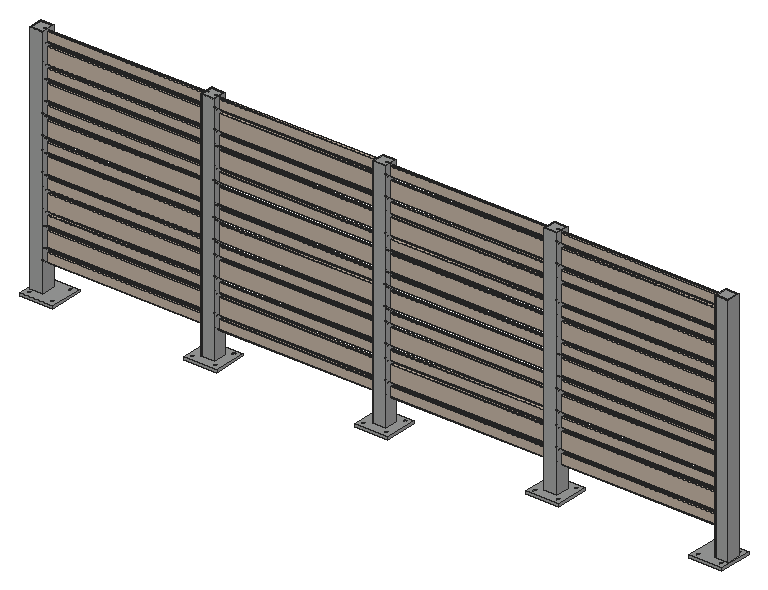
Revit family "Screening-Louver-Assembly-Array-Palmshield-Mercury_Economic-Alternating-Semi_Private-Aluminum", category Specialty Equipment, Revit 2020
Family settings
  Round Connector Dimension = Use Diameter
  Part Type = Normal
  OmniClass Number = 23.55.00.00
  OmniClass Title = Manufactured Structures
  Cut with Voids When Loaded = No
  Shared = No
  Room Calculation Point = No
Parameters (values of type "Assembly")
  Warranty URL = "https://palmshieldlouvers.com/wp-content/uploads/2020/01/PalmSHIELD-Warranty-NO-SIGN-LINE.pdf"
  Version = "2020 - v1.0a"  # constant formula
  URL = "https://palmshieldlouvers.com/"
  Type Comments = ""
  Left Post UP [instance] = yes
  Left Post Description [instance] = if(Left Post Position = 1, "Middle Post", if(Left Post Position = 2, "Corner Post", if(Left Post Position = 3, "End Post", "Not a Valid Option")))  # "End Post"
  Left Post DOWN [instance] = not(Left Post UP)  # no
  Left Post [instance] = yes
  Product Page URL = "https://palmshieldlouvers.com/products/mercury-eco-semi-private/"
  Product Documentation Link = "https://palmshieldlouvers.com/wp-content/uploads/2022/01/Mercury-Economic-Alternating-Semi-Private.pdf"
  Post Finish = Metal - PalmSHIELD - Dusty Grey
  Panel Width [instance] = if(Desired Panel Width > C Max Panel Width, C Max Panel Width, if(Desired Panel Width < C Min Panel Width, C Min Panel Width, Desired Panel Width))  # 4' - 0"
  Panel Height [instance] = if(Desired Panel Height > C Max Panel Height, C Max Panel Height, if(Desired Panel Height < C Min Panel Height, C Min Panel Height, Desired Panel Height))  # 6' - 0"
  Model = "Mercury Economic - Alternating - Semi Private"  # constant formula
  Manufacturer Phone Number = "531-329-4406 "  # constant formula
  Manufacturer Email = "mailto: info@palmshieldlouvers.com"
  Manufacturer Address = "12330 Cary Circle, La Vista, NE 68128"  # constant formula
  Manufacturer = "PalmSHIELD"  # constant formula
  Louver Finsh = Metal - PalmSHIELD - Grey Beige
  Left Post Position [instance] = 3
  Keynote = "05 10 00"
  Instruction Sheet Link = "https://palmshieldlouvers.com/wp-content/uploads/2021/09/PalmSHIELD-Mercury-Series-Post-Panel-Gate-Installation-Instructions-2.docx"
  ID [instance] = "Not Assigned"
  Frame Finish = Metal - PalmSHIELD - Dusty Grey
  Filler Panel [instance] = yes
  Right Post UP [instance] = yes
  Right Post Description [instance] = if(Right Post Position = 1, "Middle Post", if(Right Post Position = 2, "Corner Post", if(Right Post Position = 3, "End Post", "Not a Valid Option")))  # "End Post"
  Right Post DOWN [instance] = not(Right Post UP)  # no
  Right Post Position [instance] = 3
  Right Post [instance] = yes
  Desired Panel Width [instance] = 4' - 0"
  Desired Panel Height [instance] = 6' - 0"
  Real Length [instance] = if([built-in parameter 1001306] < (C Post Width + C Min Panel Width), (C Post Width + C Min Panel Width), [built-in parameter 1001306])  # 17' - 4"
  Description = "Mercury Economic - Alternating - Semi Private"  # constant formula
  built-in parameter 1001306 [instance] = 17' - 4"
  Copyright = "Copyright ©2024 The American Fence Company and PalmSHIELD. All Rights Reserved."  # constant formula
  Component Name [instance] = "Mercury Economic - Alternating - Semi Private"  # constant formula
  C Single Post [instance] = if(C Condition Double, 1 = 1, if(and(Right Post, C Condition Single), 1 = 1, 1 = 0))  # no
  C Single Panel [instance] = or(C Condition Double, C Condition Single)  # no
  C Single End Post Position [instance] = if(C Array Count = 1, 1, Right Post Position)  # 3
  C Right Post Offset Single [instance] = if(C Single End Post Position = 3, 0' 4 1/2", if(C Single End Post Position = 1, 0' 2", if(Right Post DOWN, 0' 2", 0' 4")))  # 0' - 4 1/2"
  C Right Post Offset Aux Single [instance] = if(C Single End Post Position = 3, 0' 0", if(C Single End Post Position = 1, 0' 0", if(Right Post DOWN, 0' 2", 0' 0")))  # 0' - 0"
  C Right Post Offset Aux [instance] = if(Right Post Position = 3, 0' 0", if(Right Post Position = 1, 0' 0", if(Right Post DOWN, 0' 2", 0' 0")))  # 0' - 0"
  C Right Post Offset [instance] = if(Right Post Position = 3, 0' 4 1/2", if(Right Post Position = 1, 0' 2", if(Right Post DOWN, 0' 2", 0' 4")))  # 0' - 4 1/2"
  C Right Post Angle Single [instance] = if(C Single End Post Position = 2, 90.00°, 0.00°)  # 0.00°
  C Right Post Angle [instance] = if(Right Post Position = 2, 90.00°, 0.00°)  # 0.00°
  C Post Width [instance] = 0' - 4"  # constant formula
  C Multiple Post [instance] = (C Condition Multiple)  # yes
  C Multiple Panels [instance] = (C Condition Multiple)  # yes
  C Min Panel Width [instance] = 4' - 0"  # constant formula
  C Min Panel Height [instance] = C Min Panel Width  # 4' - 0"
  C Max Panel Width [instance] = 5' - 0"  # constant formula
  C Max Panel Height [instance] = 6' - 0"  # constant formula
  C Left Post Offset Aux [instance] = if(Left Post Position = 3, 0' 4 1/2", if(Left Post Position = 1, 0' 2", if(Left Post DOWN, 0' 2", 0' 6")))  # 0' - 4 1/2"
  C Left Post Angle [instance] = if(Left Post Position = 3, 90.00°, 0.00°)  # 90.00°
  C Left Post Offset [instance] = if(Left Post Position = 3, 0' 0", if(Left Post Position = 1, 0' 0", if(Left Post DOWN, 0' 2", 0' 2")))  # 0' - 0"
  C Filler Post [instance] = and(not(C Condition Single), Filler Panel, Right Post, or(C Filler Panel Width = C Min Panel Width, C Filler Panel Width > C Min Panel Width))  # yes
  C Filler Panel Width Calculated [instance] = Real Length - C Calculated Total Length - Panel Width - C Post Width  # 4' - 0"
  C Filler Panel Width [instance] = if(C Filler Panel Width Calculated < C Min Panel Width, C Min Panel Width, if(C Filler Panel Width Calculated > C Max Panel Width, C Max Panel Width, C Filler Panel Width Calculated))  # 4' - 0"
  C Filler Panel [instance] = and(not(C Condition Single), Filler Panel, or(C Filler Panel Width = C Min Panel Width, C Filler Panel Width > C Min Panel Width))  # yes
  C Condition Single [instance] = C Array Count < 1  # no
  C Condition Multiple [instance] = C Array Count > 1  # yes
  C Condition Double [instance] = C Array Count = 1  # no
  C Complete Post [instance] = and(not(C Condition Single), not(Filler Panel), Right Post)  # no
  C Complete Panel [instance] = and(not(C Condition Single), not(Filler Panel))  # no
  C Calculated Total Length [instance] = if(C Array Count < 1, 0' 0", if(C Array Count = 1, C Post Width, Panel Width * (C Array Safe - 1) + C Post Width * (C Array Safe)))  # 9' - 0"
  C Calculated Filler Panel Length [instance] = if(C Array Count < 1, 0' 0", if(or(C Array Count = 2, C Array Count = 1), C Post Width, if(Filler Panel, (C Calculated Total Length - C Post Width - C Filler Panel Width), (C Calculated Total Length - C Post Width - Panel Width))))  # 4' - 8"
  C Array Safe [instance] = if(C Array Count < 2, 2, C Array Count)  # 3
  C Array Count [instance] = if(Filler Panel, roundup(((Real Length - C Min Panel Width) / (Panel Width + C Post Width)) - 1), roundup(((Real Length - (Panel Width)) / (Panel Width + C Post Width)) - 1))  # 3
  Assembly Code = "F1020100"
Reference planes (in)
  plane 1 "Center (Front/Back)": y = 0
  plane 2 "B": z = 0
  plane 3 "Left": x = 0
  plane 4 "Right": x = 208
  plane 5 "Top": z = 72
  plane 6: x = 48
  plane 7: x = 52
  plane 8: x = 100
  plane 9: x = 104
  plane 10: x = -4
  plane 11: x = 156
  plane 12: x = 52
  plane 13: x = 204
  plane 14: x = 204
  plane 15: x = -2
  plane 16: x = 208
  plane 17: x = 206
  plane 18: x = 206
  plane 19: x = 208
  plane 20: x = 50
  plane 21: x = 102
  plane 22: y = -2
  plane 23: y = 2
Lines and regions (in)
  reference lines
    curve 1: line (0, 0, 0) -> (208, 0, 0)
    curve 2: line (-2, 0, 0) -> (-4, 0, 0)
    curve 3: line (-2, 0, 0) -> (-2, 2, 0)
    curve 4: line (2.5, 0, 0) -> (2.5, 2, 0)
    curve 5: line (206, 0, 0) -> (206, -2, 0)
    curve 6: line (206, 0, 0) -> (208, 0, 0)
    curve 7: line (206, 0, 0) -> (206, 2, 0)
    curve 8: line (206, 0, 0) -> (206, 2, 0)
    curve 9: line (50.00002, 0, 0) -> (50.00002, 2, 0)
    curve 10: line (50, 0, 0) -> (52, 0, 0)
    curve 11: line (50.00002, -0.00002, 0) -> (50.00002, 2, 0)
    curve 12: line (206, 0, 0) -> (206, 2, 0)
    curve 13: line (206, 0, 0) -> (208, 0, 0)
    curve 14: line (206, 0, 0) -> (206, 2, 0)
Dimensions and locks (in)
  "built-in parameter 1001306": plane 3 "Left" to plane 4 "Right"
  "Panel Width": plane 6 to plane 3 "Left"
  "C Post Width": plane 7 to plane 6
  "Panel Width": plane 8 to plane 7
  "C Post Width": plane 9 to plane 8
  "C Post Width": plane 3 "Left" to plane 10
  "C Calculated Filler Panel Length": plane 12 to plane 10
  "C Filler Panel Width": plane 13 to plane 11
  "Panel Width": plane 14 to plane 11
  "C Calculated Total Length": plane 11 to plane 6
  equal spacing: plane 10, plane 15, plane 3 "Left"
  equal spacing: plane 16, plane 17, plane 13
  "C Post Width": plane 16 to plane 13
  equal spacing: plane 19, plane 18, plane 14
  "C Post Width": plane 19 to plane 14
  equal spacing: plane 9, plane 21, plane 8
  equal spacing: plane 7, plane 20, plane 6
  equal spacing: plane 22, plane 1 "Center (Front/Back)", plane 23
  "C Post Width": plane 22 to plane 23
  "Panel Height": plane 5 "Top" to level
  equal spacing: group 1, group 2, group 5  (x3)
  "C Left Post Offset": curve 4 to nested 1
  "C Left Post Offset Aux": curve 3 to curve 4
  equal spacing: group 3, group 4, group 6  (x3)
  "C Right Post Offset Aux": curve 8 to curve 7
  "C Right Post Offset": curve 8 to nested 5
  "C Right Post Offset Aux Single": curve 11 to curve 9
  "C Right Post Offset Single": curve 11 to nested 8
  "C Right Post Offset Aux": curve 14 to curve 12
  "C Right Post Offset": curve 14 to nested 11
  "C Left Post Angle": angle curve 2 to plane 15
  locked: curve 3 to curve 2 (angle 90.00°)
  locked: curve 6 to curve 7 (angle 90.00°)
  "C Right Post Angle": angle curve 7 to plane 18
  locked: curve 10 to curve 9 (angle 90.00°)
  "C Right Post Angle Single": angle curve 9 to plane 20
  locked: curve 13 to curve 12 (angle 90.00°)
  "C Right Post Angle": angle curve 12 to plane 18
  aligned and locked: plane 4 "Right" to curve 1
  aligned and locked: plane 1 "Center (Front/Back)" to curve 1
  aligned and locked: plane 3 "Left" to curve 1
  aligned and locked: level to plane 2 "B"
  aligned and locked: plane 3 "Left" to nested 2
  aligned and locked: nested 4 to plane 14
  aligned and locked: plane 1 "Center (Front/Back)" to nested 7
  aligned and locked: plane 20 to nested 7
  aligned and locked: plane 3 "Left" to nested 6
  aligned and locked: plane 1 "Center (Front/Back)" to nested 6
  aligned and locked: plane 11 to nested 3
  aligned and locked: plane 1 "Center (Front/Back)" to nested 3
  aligned and locked: plane 7 to nested 9
  aligned and locked: plane 1 "Center (Front/Back)" to nested 9
  aligned and locked: plane 1 "Center (Front/Back)" to curve 2
  aligned and locked: plane 15 to curve 3
  aligned and locked: curve 2 to nested 1
  aligned and locked: plane 21 to nested 10
  aligned and locked: plane 1 "Center (Front/Back)" to nested 10
  aligned and locked: plane 17 to curve 5
  aligned and locked: plane 1 "Center (Front/Back)" to nested 4
  aligned and locked: plane 1 "Center (Front/Back)" to curve 6
  aligned and locked: plane 1 "Center (Front/Back)" to nested 2
  aligned and locked: plane 20 to curve 10
  aligned and locked: nested 8 to curve 10
  aligned and locked: plane 18 to curve 13
  aligned and locked: plane 1 "Center (Front/Back)" to curve 12
Automatic sketch dimensions
  plane 22 to curve 5 = 0' - 0"
  curve 10 to curve 9 = 0' - 0"
  curve 2 to curve 4 = 0' - 0"
  curve 4 to curve 4 = 0' - 2"
  curve 8 to curve 7 = 0' - 0"  (x2)
  curve 11 to curve 9 = 0' - 0"  (x2)
  curve 14 to curve 13 = 0' - 0"
  curve 13 to curve 14 = 0' - 2"
Nested families (in)
  nested 1: "Screening-Louver-Assembly-Post-Palmshield-Mercury-Economic-Alternating-Semi_Private-Aluminum" at (0.5, 0, 0) x (-1, 0, 0) z (0, 0, 1), Desired Overall Height <- "Panel Height", visible <- "Left Post", Component Vis <- "Left Post", ID <- "ID", Post Position <- "Left Post Position", type "Assembly"
    with Post Position 3, ID "Not Assigned", Height 6' - 0", Desired Overall Height 6' - 0", Component Vis yes, Component Name "Mercury Economic - Alternating - Semi Private - Square Post", C Min Height 3' - 4", C Max Height 6' - 0"
  nested 2: "Screening-Louver-Assembly-Panel-Palmshield-Mercury_Economic-Alternating-Semi_Private-Aluminum" at (0, 0, 0), Desired Overall Height <- "Panel Height", Desired Overall Width <- "Panel Width", visible <- "C Single Panel", Component Vis <- "C Single Panel", ID <- "ID", type "Assembly"
    with Width 6' - 0", ID "Not Assigned", Height 6' - 0", Desired Overall Width 4' - 0", Desired Overall Height 6' - 0", Desired Bottom Angle 0.00°, Component Vis no, Component Name "Mercury Economic - Alternating - Semi Private", C Min Width 6' - 0", C Min Height 6' - 0", C Max Width 5' - 0", C Max Height 6' - 0", C Angle 0.00°
  nested 3: "Screening-Louver-Assembly-Panel-Palmshield-Mercury_Economic-Alternating-Semi_Private-Aluminum" at (156, 0, 0), Desired Overall Height <- "Panel Height", Desired Overall Width <- "C Filler Panel Width", visible <- "C Filler Panel", Component Vis <- "C Filler Panel", ID <- "ID", type "Assembly"
    with Width 6' - 0", ID "Not Assigned", Height 6' - 0", Desired Overall Width 4' - 0", Desired Overall Height 6' - 0", Desired Bottom Angle 0.00°, Component Vis yes, Component Name "Mercury Economic - Alternating - Semi Private", C Min Width 6' - 0", C Min Height 6' - 0", C Max Width 5' - 0", C Max Height 6' - 0", C Angle 0.00°
  nested 4: "Screening-Louver-Assembly-Panel-Palmshield-Mercury_Economic-Alternating-Semi_Private-Aluminum" at (156, 0, 0), Desired Overall Height <- "Panel Height", Desired Overall Width <- "Panel Width", visible <- "C Complete Panel", Component Vis <- "C Complete Panel", ID <- "ID", type "Assembly"
    with Width 6' - 0", ID "Not Assigned", Height 6' - 0", Desired Overall Width 4' - 0", Desired Overall Height 6' - 0", Desired Bottom Angle 0.00°, Component Vis no, Component Name "Mercury Economic - Alternating - Semi Private", C Min Width 6' - 0", C Min Height 6' - 0", C Max Width 5' - 0", C Max Height 6' - 0", C Angle 0.00°
  nested 5: "Screening-Louver-Assembly-Post-Palmshield-Mercury-Economic-Alternating-Semi_Private-Aluminum" at (203.5, 0, 0), Desired Overall Height <- "Panel Height", visible <- "C Filler Post", Component Vis <- "C Filler Post", ID <- "ID", Post Position <- "Right Post Position", type "Assembly"
    with Post Position 3, ID "Not Assigned", Height 6' - 0", Desired Overall Height 6' - 0", Component Vis yes, Component Name "Mercury Economic - Alternating - Semi Private - Square Post", C Min Height 3' - 4", C Max Height 6' - 0"
  nested 6: "Screening-Louver-Assembly-Panel-Palmshield-Mercury_Economic-Alternating-Semi_Private-Aluminum" at (0, 0, 0), Desired Overall Height <- "Panel Height", Desired Overall Width <- "Panel Width", visible <- "C Multiple Panels", Component Vis <- "C Multiple Panels", ID <- "ID", type "Assembly"
    with Width 6' - 0", ID "Not Assigned", Height 6' - 0", Desired Overall Width 4' - 0", Desired Overall Height 6' - 0", Desired Bottom Angle 0.00°, Component Vis yes, Component Name "Mercury Economic - Alternating - Semi Private", C Min Width 6' - 0", C Min Height 6' - 0", C Max Width 5' - 0", C Max Height 6' - 0", C Angle 0.00°
  nested 7: "Screening-Louver-Assembly-Post-Palmshield-Mercury-Economic-Alternating-Semi_Private-Aluminum" at (50, 0, 0), Desired Overall Height <- "Panel Height", visible <- "C Multiple Post", Component Vis <- "C Multiple Post", ID <- "ID", type "Assembly"
    with Post Position 1, ID "Not Assigned", Height 6' - 0", Desired Overall Height 6' - 0", Component Vis yes, Component Name "Mercury Economic - Alternating - Semi Private - Square Post", C Min Height 3' - 4", C Max Height 6' - 0"
  nested 8: "Screening-Louver-Assembly-Post-Palmshield-Mercury-Economic-Alternating-Semi_Private-Aluminum" at (47.50002, 0, 0), Desired Overall Height <- "Panel Height", visible <- "C Single Post", Component Vis <- "C Single Post", ID <- "ID", Post Position <- "C Single End Post Position", type "Assembly"
    with Post Position 3, ID "Not Assigned", Height 6' - 0", Desired Overall Height 6' - 0", Component Vis no, Component Name "Mercury Economic - Alternating - Semi Private - Square Post", C Min Height 3' - 4", C Max Height 6' - 0"
  nested 9: "Screening-Louver-Assembly-Panel-Palmshield-Mercury_Economic-Alternating-Semi_Private-Aluminum" at (52, 0, 0), Desired Overall Height <- "Panel Height", Desired Overall Width <- "Panel Width", visible <- "C Multiple Panels", Component Vis <- "C Multiple Panels", ID <- "ID", type "Assembly"
    with Width 6' - 0", ID "Not Assigned", Height 6' - 0", Desired Overall Width 4' - 0", Desired Overall Height 6' - 0", Desired Bottom Angle 0.00°, Component Vis yes, Component Name "Mercury Economic - Alternating - Semi Private", C Min Width 6' - 0", C Min Height 6' - 0", C Max Width 5' - 0", C Max Height 6' - 0", C Angle 0.00°
  nested 10: "Screening-Louver-Assembly-Post-Palmshield-Mercury-Economic-Alternating-Semi_Private-Aluminum" at (102, 0, 0), Desired Overall Height <- "Panel Height", visible <- "C Multiple Post", Component Vis <- "C Multiple Post", ID <- "ID", type "Assembly"
    with Post Position 1, ID "Not Assigned", Height 6' - 0", Desired Overall Height 6' - 0", Component Vis yes, Component Name "Mercury Economic - Alternating - Semi Private - Square Post", C Min Height 3' - 4", C Max Height 6' - 0"
  nested 11: "Screening-Louver-Assembly-Post-Palmshield-Mercury-Economic-Alternating-Semi_Private-Aluminum" at (203.5, 0, 0), Desired Overall Height <- "Panel Height", visible <- "C Complete Post", Component Vis <- "C Complete Post", ID <- "ID", Post Position <- "Right Post Position", type "Assembly"
    with Post Position 3, ID "Not Assigned", Height 6' - 0", Desired Overall Height 6' - 0", Component Vis no, Component Name "Mercury Economic - Alternating - Semi Private - Square Post", C Min Height 3' - 4", C Max Height 6' - 0"
  nested 12: "Screening-Louver-Assembly-Panel-Palmshield-Mercury_Economic-Alternating-Semi_Private-Aluminum" at (104, 0, 0), Desired Overall Height <- "Panel Height", Desired Overall Width <- "Panel Width", visible <- "C Multiple Panels", Component Vis <- "C Multiple Panels", ID <- "ID", type "Assembly"
    with Width 6' - 0", ID "Not Assigned", Height 6' - 0", Desired Overall Width 4' - 0", Desired Overall Height 6' - 0", Desired Bottom Angle 0.00°, Component Vis yes, Component Name "Mercury Economic - Alternating - Semi Private", C Min Width 6' - 0", C Min Height 6' - 0", C Max Width 5' - 0", C Max Height 6' - 0", C Angle 0.00°
  nested 13: "Screening-Louver-Assembly-Post-Palmshield-Mercury-Economic-Alternating-Semi_Private-Aluminum" at (154, 0, 0), Desired Overall Height <- "Panel Height", visible <- "C Multiple Post", Component Vis <- "C Multiple Post", ID <- "ID", type "Assembly"
    with Post Position 1, ID "Not Assigned", Height 6' - 0", Desired Overall Height 6' - 0", Component Vis yes, Component Name "Mercury Economic - Alternating - Semi Private - Square Post", C Min Height 3' - 4", C Max Height 6' - 0"
  nested 14: "Nested-Base_Plate-Palmshield-Mercury_Economic" at (154, 0, 0), type "10" x 10" x 3/4""
    with Material Metal - PalmSHIELD - Dusty Grey, ID "Not Assigned", Component Vis yes, Component Name "Mercury Economic - Aluminum - Base Plate"
  nested 15: "Nested-Square_Post-Aluminum-Palmshield-Mercury_Economic" at (154, 0, 0.75), type "4" X 4" X 1/8" SQ. TUBE"
    with Material Metal - PalmSHIELD - Dusty Grey, Length 5' - 11 1/4", ID "Not Assigned", Component Vis yes, Component Name "Mercury Economic - Aluminum - Square Post"
  nested 16: "Nested-Top_Cap-Palmshield-Mercury_Economic" at (154, 0, 72) x (1, 0, 0) z (0, 0, -1), type "3 3/4" x 3 3/4" x 1/8""
    with Material Metal - PalmSHIELD - Dusty Grey, ID "Not Assigned", Component Vis yes, Component Name "Mercury Economic - Aluminum - Square Top Cap"
  nested 17: "Nested-Louvers-Palmshield-Mercury-Economic-Alternating-Semi_Private-Aluminum" at (102.1875, 0, 8.5) x (0, 1, 0) z (1, 0, 0), type "0.938" X 3" ALUMINUM SLAT, TYP."
    with Material Metal - PalmSHIELD - Grey Beige, Length 4' - 3 5/8", ID "", Component Name "Mercury Economic Alternating Semi Private - Aluminum - Louvers"
  nested 18: "Nested-Louvers-Palmshield-Mercury-Economic-Alternating-Semi_Private-Aluminum" at (102.1875, 0, 28.5) x (0, 1, 0) z (1, 0, 0), type "0.938" X 3" ALUMINUM SLAT, TYP."
    with Material Metal - PalmSHIELD - Grey Beige, Length 4' - 3 5/8", ID "", Component Name "Mercury Economic Alternating Semi Private - Aluminum - Louvers"
  nested 19: "Nested-Louvers-Palmshield-Mercury-Economic-Alternating-Semi_Private-Aluminum" at (102.1875, 0, 12.5) x (0, 1, 0) z (1, 0, 0), type "0.938" X 5" ALUMINUM SLAT, TYP."
    with Material Metal - PalmSHIELD - Grey Beige, Length 4' - 3 5/8", ID "", Component Name "Mercury Economic Alternating Semi Private - Aluminum - Louvers"
  nested 20: "Nested-Louvers-Palmshield-Mercury-Economic-Alternating-Semi_Private-Aluminum" at (102.1875, 0, 32.5) x (0, 1, 0) z (1, 0, 0), type "0.938" X 5" ALUMINUM SLAT, TYP."
    with Material Metal - PalmSHIELD - Grey Beige, Length 4' - 3 5/8", ID "", Component Name "Mercury Economic Alternating Semi Private - Aluminum - Louvers"
  nested 21: "Nested-Louvers-Palmshield-Mercury-Economic-Alternating-Semi_Private-Aluminum" at (102.1875, 0, 42.5) x (0, 1, 0) z (1, 0, 0), type "0.938" X 5" ALUMINUM SLAT, TYP."
    with Material Metal - PalmSHIELD - Grey Beige, Length 4' - 3 5/8", ID "", Component Name "Mercury Economic Alternating Semi Private - Aluminum - Louvers"
  nested 22: "Nested-Louvers-Palmshield-Mercury-Economic-Alternating-Semi_Private-Aluminum" at (102.1875, 0, 38.5) x (0, 1, 0) z (1, 0, 0), type "0.938" X 3" ALUMINUM SLAT, TYP."
    with Material Metal - PalmSHIELD - Grey Beige, Length 4' - 3 5/8", ID "", Component Name "Mercury Economic Alternating Semi Private - Aluminum - Louvers"
  nested 23: "Nested-Louvers-Palmshield-Mercury-Economic-Alternating-Semi_Private-Aluminum" at (102.1875, 0, 48.5) x (0, 1, 0) z (1, 0, 0), type "0.938" X 3" ALUMINUM SLAT, TYP."
    with Material Metal - PalmSHIELD - Grey Beige, Length 4' - 3 5/8", ID "", Component Name "Mercury Economic Alternating Semi Private - Aluminum - Louvers"
  nested 24: "Nested-Louvers-Palmshield-Mercury-Economic-Alternating-Semi_Private-Aluminum" at (102.1875, 0, 58.5) x (0, 1, 0) z (1, 0, 0), type "0.938" X 3" ALUMINUM SLAT, TYP."
    with Material Metal - PalmSHIELD - Grey Beige, Length 4' - 3 5/8", ID "", Component Name "Mercury Economic Alternating Semi Private - Aluminum - Louvers"
  nested 25: "Nested-Louvers-Palmshield-Mercury-Economic-Alternating-Semi_Private-Aluminum" at (102.1875, 0, 52.5) x (0, 1, 0) z (1, 0, 0), type "0.938" X 5" ALUMINUM SLAT, TYP."
    with Material Metal - PalmSHIELD - Grey Beige, Length 4' - 3 5/8", ID "", Component Name "Mercury Economic Alternating Semi Private - Aluminum - Louvers"
  nested 26: "Nested-Louvers-Palmshield-Mercury-Economic-Alternating-Semi_Private-Aluminum" at (102.1875, 0, 68.5) x (0, 1, 0) z (1, 0, 0), type "0.938" X 3" ALUMINUM SLAT, TYP."
    with Material Metal - PalmSHIELD - Grey Beige, Length 4' - 3 5/8", ID "", Component Name "Mercury Economic Alternating Semi Private - Aluminum - Louvers"
  nested 27: "Nested-Louvers-Palmshield-Mercury-Economic-Alternating-Semi_Private-Aluminum" at (102.1875, 0, 62.5) x (0, 1, 0) z (1, 0, 0), type "0.938" X 5" ALUMINUM SLAT, TYP."
    with Material Metal - PalmSHIELD - Grey Beige, Length 4' - 3 5/8", ID "", Component Name "Mercury Economic Alternating Semi Private - Aluminum - Louvers"
  nested 28: "Nested-Base_Plate-Palmshield-Mercury_Economic" at (50, 0, 0), type "10" x 10" x 3/4""
    with Material Metal - PalmSHIELD - Dusty Grey, ID "Not Assigned", Component Vis yes, Component Name "Mercury Economic - Aluminum - Base Plate"
  nested 29: "Nested-Square_Post-Aluminum-Palmshield-Mercury_Economic" at (50, 0, 0.75), type "4" X 4" X 1/8" SQ. TUBE"
    with Material Metal - PalmSHIELD - Dusty Grey, Length 5' - 11 1/4", ID "Not Assigned", Component Vis yes, Component Name "Mercury Economic - Aluminum - Square Post"
  nested 30: "Nested-Top_Cap-Palmshield-Mercury_Economic" at (50, 0, 72) x (1, 0, 0) z (0, 0, -1), type "3 3/4" x 3 3/4" x 1/8""
    with Material Metal - PalmSHIELD - Dusty Grey, ID "Not Assigned", Component Vis yes, Component Name "Mercury Economic - Aluminum - Square Top Cap"
  nested 31: "Nested-Base_Plate-Palmshield-Mercury_Economic" at (102, 0, 0), type "10" x 10" x 3/4""
    with Material Metal - PalmSHIELD - Dusty Grey, ID "Not Assigned", Component Vis yes, Component Name "Mercury Economic - Aluminum - Base Plate"
  nested 32: "Nested-Square_Post-Aluminum-Palmshield-Mercury_Economic" at (102, 0, 0.75), type "4" X 4" X 1/8" SQ. TUBE"
    with Material Metal - PalmSHIELD - Dusty Grey, Length 5' - 11 1/4", ID "Not Assigned", Component Vis yes, Component Name "Mercury Economic - Aluminum - Square Post"
  nested 33: "Nested-Top_Cap-Palmshield-Mercury_Economic" at (102, 0, 72) x (1, 0, 0) z (0, 0, -1), type "3 3/4" x 3 3/4" x 1/8""
    with Material Metal - PalmSHIELD - Dusty Grey, ID "Not Assigned", Component Vis yes, Component Name "Mercury Economic - Aluminum - Square Top Cap"
  nested 34: "Nested-Louvers-Palmshield-Mercury-Economic-Alternating-Semi_Private-Aluminum" at (-1.8125, 0, 8.5) x (0, 1, 0) z (1, 0, 0), type "0.938" X 3" ALUMINUM SLAT, TYP."
    with Material Metal - PalmSHIELD - Grey Beige, Length 4' - 3 5/8", ID "", Component Name "Mercury Economic Alternating Semi Private - Aluminum - Louvers"
  nested 35: "Nested-Louvers-Palmshield-Mercury-Economic-Alternating-Semi_Private-Aluminum" at (-1.8125, 0, 28.5) x (0, 1, 0) z (1, 0, 0), type "0.938" X 3" ALUMINUM SLAT, TYP."
    with Material Metal - PalmSHIELD - Grey Beige, Length 4' - 3 5/8", ID "", Component Name "Mercury Economic Alternating Semi Private - Aluminum - Louvers"
  nested 36: "Nested-Louvers-Palmshield-Mercury-Economic-Alternating-Semi_Private-Aluminum" at (-1.8125, 0, 12.5) x (0, 1, 0) z (1, 0, 0), type "0.938" X 5" ALUMINUM SLAT, TYP."
    with Material Metal - PalmSHIELD - Grey Beige, Length 4' - 3 5/8", ID "", Component Name "Mercury Economic Alternating Semi Private - Aluminum - Louvers"
  nested 37: "Nested-Louvers-Palmshield-Mercury-Economic-Alternating-Semi_Private-Aluminum" at (-1.8125, 0, 32.5) x (0, 1, 0) z (1, 0, 0), type "0.938" X 5" ALUMINUM SLAT, TYP."
    with Material Metal - PalmSHIELD - Grey Beige, Length 4' - 3 5/8", ID "", Component Name "Mercury Economic Alternating Semi Private - Aluminum - Louvers"
  nested 38: "Nested-Louvers-Palmshield-Mercury-Economic-Alternating-Semi_Private-Aluminum" at (-1.8125, 0, 42.5) x (0, 1, 0) z (1, 0, 0), type "0.938" X 5" ALUMINUM SLAT, TYP."
    with Material Metal - PalmSHIELD - Grey Beige, Length 4' - 3 5/8", ID "", Component Name "Mercury Economic Alternating Semi Private - Aluminum - Louvers"
  nested 39: "Nested-Louvers-Palmshield-Mercury-Economic-Alternating-Semi_Private-Aluminum" at (-1.8125, 0, 38.5) x (0, 1, 0) z (1, 0, 0), type "0.938" X 3" ALUMINUM SLAT, TYP."
    with Material Metal - PalmSHIELD - Grey Beige, Length 4' - 3 5/8", ID "", Component Name "Mercury Economic Alternating Semi Private - Aluminum - Louvers"
  nested 40: "Nested-Louvers-Palmshield-Mercury-Economic-Alternating-Semi_Private-Aluminum" at (-1.8125, 0, 48.5) x (0, 1, 0) z (1, 0, 0), type "0.938" X 3" ALUMINUM SLAT, TYP."
    with Material Metal - PalmSHIELD - Grey Beige, Length 4' - 3 5/8", ID "", Component Name "Mercury Economic Alternating Semi Private - Aluminum - Louvers"
  nested 41: "Nested-Louvers-Palmshield-Mercury-Economic-Alternating-Semi_Private-Aluminum" at (-1.8125, 0, 58.5) x (0, 1, 0) z (1, 0, 0), type "0.938" X 3" ALUMINUM SLAT, TYP."
    with Material Metal - PalmSHIELD - Grey Beige, Length 4' - 3 5/8", ID "", Component Name "Mercury Economic Alternating Semi Private - Aluminum - Louvers"
  nested 42: "Nested-Louvers-Palmshield-Mercury-Economic-Alternating-Semi_Private-Aluminum" at (-1.8125, 0, 52.5) x (0, 1, 0) z (1, 0, 0), type "0.938" X 5" ALUMINUM SLAT, TYP."
    with Material Metal - PalmSHIELD - Grey Beige, Length 4' - 3 5/8", ID "", Component Name "Mercury Economic Alternating Semi Private - Aluminum - Louvers"
  nested 43: "Nested-Louvers-Palmshield-Mercury-Economic-Alternating-Semi_Private-Aluminum" at (-1.8125, 0, 68.5) x (0, 1, 0) z (1, 0, 0), type "0.938" X 3" ALUMINUM SLAT, TYP."
    with Material Metal - PalmSHIELD - Grey Beige, Length 4' - 3 5/8", ID "", Component Name "Mercury Economic Alternating Semi Private - Aluminum - Louvers"
  nested 44: "Nested-Louvers-Palmshield-Mercury-Economic-Alternating-Semi_Private-Aluminum" at (-1.8125, 0, 62.5) x (0, 1, 0) z (1, 0, 0), type "0.938" X 5" ALUMINUM SLAT, TYP."
    with Material Metal - PalmSHIELD - Grey Beige, Length 4' - 3 5/8", ID "", Component Name "Mercury Economic Alternating Semi Private - Aluminum - Louvers"
  nested 45: "Nested-Louvers-Palmshield-Mercury-Economic-Alternating-Semi_Private-Aluminum" at (50.1875, 0, 8.5) x (0, 1, 0) z (1, 0, 0), type "0.938" X 3" ALUMINUM SLAT, TYP."
    with Material Metal - PalmSHIELD - Grey Beige, Length 4' - 3 5/8", ID "", Component Name "Mercury Economic Alternating Semi Private - Aluminum - Louvers"
  nested 46: "Nested-Louvers-Palmshield-Mercury-Economic-Alternating-Semi_Private-Aluminum" at (50.1875, 0, 28.5) x (0, 1, 0) z (1, 0, 0), type "0.938" X 3" ALUMINUM SLAT, TYP."
    with Material Metal - PalmSHIELD - Grey Beige, Length 4' - 3 5/8", ID "", Component Name "Mercury Economic Alternating Semi Private - Aluminum - Louvers"
  nested 47: "Nested-Louvers-Palmshield-Mercury-Economic-Alternating-Semi_Private-Aluminum" at (50.1875, 0, 12.5) x (0, 1, 0) z (1, 0, 0), type "0.938" X 5" ALUMINUM SLAT, TYP."
    with Material Metal - PalmSHIELD - Grey Beige, Length 4' - 3 5/8", ID "", Component Name "Mercury Economic Alternating Semi Private - Aluminum - Louvers"
  nested 48: "Nested-Louvers-Palmshield-Mercury-Economic-Alternating-Semi_Private-Aluminum" at (50.1875, 0, 32.5) x (0, 1, 0) z (1, 0, 0), type "0.938" X 5" ALUMINUM SLAT, TYP."
    with Material Metal - PalmSHIELD - Grey Beige, Length 4' - 3 5/8", ID "", Component Name "Mercury Economic Alternating Semi Private - Aluminum - Louvers"
  nested 49: "Nested-Louvers-Palmshield-Mercury-Economic-Alternating-Semi_Private-Aluminum" at (50.1875, 0, 42.5) x (0, 1, 0) z (1, 0, 0), type "0.938" X 5" ALUMINUM SLAT, TYP."
    with Material Metal - PalmSHIELD - Grey Beige, Length 4' - 3 5/8", ID "", Component Name "Mercury Economic Alternating Semi Private - Aluminum - Louvers"
  nested 50: "Nested-Louvers-Palmshield-Mercury-Economic-Alternating-Semi_Private-Aluminum" at (50.1875, 0, 38.5) x (0, 1, 0) z (1, 0, 0), type "0.938" X 3" ALUMINUM SLAT, TYP."
    with Material Metal - PalmSHIELD - Grey Beige, Length 4' - 3 5/8", ID "", Component Name "Mercury Economic Alternating Semi Private - Aluminum - Louvers"
  nested 51: "Nested-Louvers-Palmshield-Mercury-Economic-Alternating-Semi_Private-Aluminum" at (50.1875, 0, 48.5) x (0, 1, 0) z (1, 0, 0), type "0.938" X 3" ALUMINUM SLAT, TYP."
    with Material Metal - PalmSHIELD - Grey Beige, Length 4' - 3 5/8", ID "", Component Name "Mercury Economic Alternating Semi Private - Aluminum - Louvers"
  nested 52: "Nested-Louvers-Palmshield-Mercury-Economic-Alternating-Semi_Private-Aluminum" at (50.1875, 0, 58.5) x (0, 1, 0) z (1, 0, 0), type "0.938" X 3" ALUMINUM SLAT, TYP."
    with Material Metal - PalmSHIELD - Grey Beige, Length 4' - 3 5/8", ID "", Component Name "Mercury Economic Alternating Semi Private - Aluminum - Louvers"
  nested 53: "Nested-Louvers-Palmshield-Mercury-Economic-Alternating-Semi_Private-Aluminum" at (50.1875, 0, 52.5) x (0, 1, 0) z (1, 0, 0), type "0.938" X 5" ALUMINUM SLAT, TYP."
    with Material Metal - PalmSHIELD - Grey Beige, Length 4' - 3 5/8", ID "", Component Name "Mercury Economic Alternating Semi Private - Aluminum - Louvers"
  nested 54: "Nested-Louvers-Palmshield-Mercury-Economic-Alternating-Semi_Private-Aluminum" at (50.1875, 0, 68.5) x (0, 1, 0) z (1, 0, 0), type "0.938" X 3" ALUMINUM SLAT, TYP."
    with Material Metal - PalmSHIELD - Grey Beige, Length 4' - 3 5/8", ID "", Component Name "Mercury Economic Alternating Semi Private - Aluminum - Louvers"
  nested 55: "Nested-Louvers-Palmshield-Mercury-Economic-Alternating-Semi_Private-Aluminum" at (50.1875, 0, 62.5) x (0, 1, 0) z (1, 0, 0), type "0.938" X 5" ALUMINUM SLAT, TYP."
    with Material Metal - PalmSHIELD - Grey Beige, Length 4' - 3 5/8", ID "", Component Name "Mercury Economic Alternating Semi Private - Aluminum - Louvers"
  nested 56: "Nested-Louvers-Palmshield-Mercury-Economic-Alternating-Semi_Private-Aluminum" at (154.1875, 0, 8.5) x (0, 1, 0) z (1, 0, 0), type "0.938" X 3" ALUMINUM SLAT, TYP."
    with Material Metal - PalmSHIELD - Grey Beige, Length 4' - 3 5/8", ID "", Component Name "Mercury Economic Alternating Semi Private - Aluminum - Louvers"
  nested 57: "Nested-Louvers-Palmshield-Mercury-Economic-Alternating-Semi_Private-Aluminum" at (154.1875, 0, 28.5) x (0, 1, 0) z (1, 0, 0), type "0.938" X 3" ALUMINUM SLAT, TYP."
    with Material Metal - PalmSHIELD - Grey Beige, Length 4' - 3 5/8", ID "", Component Name "Mercury Economic Alternating Semi Private - Aluminum - Louvers"
  nested 58: "Nested-Louvers-Palmshield-Mercury-Economic-Alternating-Semi_Private-Aluminum" at (154.1875, 0, 12.5) x (0, 1, 0) z (1, 0, 0), type "0.938" X 5" ALUMINUM SLAT, TYP."
    with Material Metal - PalmSHIELD - Grey Beige, Length 4' - 3 5/8", ID "", Component Name "Mercury Economic Alternating Semi Private - Aluminum - Louvers"
  nested 59: "Nested-Louvers-Palmshield-Mercury-Economic-Alternating-Semi_Private-Aluminum" at (154.1875, 0, 32.5) x (0, 1, 0) z (1, 0, 0), type "0.938" X 5" ALUMINUM SLAT, TYP."
    with Material Metal - PalmSHIELD - Grey Beige, Length 4' - 3 5/8", ID "", Component Name "Mercury Economic Alternating Semi Private - Aluminum - Louvers"
  nested 60: "Nested-Louvers-Palmshield-Mercury-Economic-Alternating-Semi_Private-Aluminum" at (154.1875, 0, 42.5) x (0, 1, 0) z (1, 0, 0), type "0.938" X 5" ALUMINUM SLAT, TYP."
    with Material Metal - PalmSHIELD - Grey Beige, Length 4' - 3 5/8", ID "", Component Name "Mercury Economic Alternating Semi Private - Aluminum - Louvers"
  nested 61: "Nested-Louvers-Palmshield-Mercury-Economic-Alternating-Semi_Private-Aluminum" at (154.1875, 0, 38.5) x (0, 1, 0) z (1, 0, 0), type "0.938" X 3" ALUMINUM SLAT, TYP."
    with Material Metal - PalmSHIELD - Grey Beige, Length 4' - 3 5/8", ID "", Component Name "Mercury Economic Alternating Semi Private - Aluminum - Louvers"
  nested 62: "Nested-Louvers-Palmshield-Mercury-Economic-Alternating-Semi_Private-Aluminum" at (154.1875, 0, 48.5) x (0, 1, 0) z (1, 0, 0), type "0.938" X 3" ALUMINUM SLAT, TYP."
    with Material Metal - PalmSHIELD - Grey Beige, Length 4' - 3 5/8", ID "", Component Name "Mercury Economic Alternating Semi Private - Aluminum - Louvers"
  nested 63: "Nested-Louvers-Palmshield-Mercury-Economic-Alternating-Semi_Private-Aluminum" at (154.1875, 0, 58.5) x (0, 1, 0) z (1, 0, 0), type "0.938" X 3" ALUMINUM SLAT, TYP."
    with Material Metal - PalmSHIELD - Grey Beige, Length 4' - 3 5/8", ID "", Component Name "Mercury Economic Alternating Semi Private - Aluminum - Louvers"
  nested 64: "Nested-Louvers-Palmshield-Mercury-Economic-Alternating-Semi_Private-Aluminum" at (154.1875, 0, 52.5) x (0, 1, 0) z (1, 0, 0), type "0.938" X 5" ALUMINUM SLAT, TYP."
    with Material Metal - PalmSHIELD - Grey Beige, Length 4' - 3 5/8", ID "", Component Name "Mercury Economic Alternating Semi Private - Aluminum - Louvers"
  nested 65: "Nested-Louvers-Palmshield-Mercury-Economic-Alternating-Semi_Private-Aluminum" at (154.1875, 0, 68.5) x (0, 1, 0) z (1, 0, 0), type "0.938" X 3" ALUMINUM SLAT, TYP."
    with Material Metal - PalmSHIELD - Grey Beige, Length 4' - 3 5/8", ID "", Component Name "Mercury Economic Alternating Semi Private - Aluminum - Louvers"
  nested 66: "Nested-Louvers-Palmshield-Mercury-Economic-Alternating-Semi_Private-Aluminum" at (154.1875, 0, 62.5) x (0, 1, 0) z (1, 0, 0), type "0.938" X 5" ALUMINUM SLAT, TYP."
    with Material Metal - PalmSHIELD - Grey Beige, Length 4' - 3 5/8", ID "", Component Name "Mercury Economic Alternating Semi Private - Aluminum - Louvers"
  nested 67: "Nested-Base_Plate-Palmshield-Mercury_Economic" at (203.5, 0, 0), type "10" x 10" x 3/4""
    with Material Metal - PalmSHIELD - Dusty Grey, ID "Not Assigned", Component Vis yes, Component Name "Mercury Economic - Aluminum - Base Plate"
  nested 68: "Nested-Square_Post-Aluminum-Palmshield-Mercury_Economic" at (206, 0, 0.75), type "4" X 4" X 1/8" SQ. TUBE"
    with Material Metal - PalmSHIELD - Dusty Grey, Length 5' - 11 1/4", ID "Not Assigned", Component Vis yes, Component Name "Mercury Economic - Aluminum - Square Post"
  nested 69: "Nested-Top_Cap-Palmshield-Mercury_Economic" at (206, 0, 72) x (1, 0, 0) z (0, 0, -1), type "3 3/4" x 3 3/4" x 1/8""
    with Material Metal - PalmSHIELD - Dusty Grey, ID "Not Assigned", Component Vis yes, Component Name "Mercury Economic - Aluminum - Square Top Cap"
  nested 70: "Nested-Base_Plate-Palmshield-Mercury_Economic" at (0.5, 0, 0) x (-1, 0, 0) z (0, 0, 1), type "10" x 10" x 3/4""
    with Material Metal - PalmSHIELD - Dusty Grey, ID "Not Assigned", Component Vis yes, Component Name "Mercury Economic - Aluminum - Base Plate"
  nested 71: "Nested-Square_Post-Aluminum-Palmshield-Mercury_Economic" at (-2, 0, 0.75) x (-1, 0, 0) z (0, 0, 1), type "4" X 4" X 1/8" SQ. TUBE"
    with Material Metal - PalmSHIELD - Dusty Grey, Length 5' - 11 1/4", ID "Not Assigned", Component Vis yes, Component Name "Mercury Economic - Aluminum - Square Post"
  nested 72: "Nested-Top_Cap-Palmshield-Mercury_Economic" at (-2, 0, 72) x (-1, 0, 0) z (0, 0, -1), type "3 3/4" x 3 3/4" x 1/8""
    with Material Metal - PalmSHIELD - Dusty Grey, ID "Not Assigned", Component Vis yes, Component Name "Mercury Economic - Aluminum - Square Top Cap"
  nested 73: "Nested-Louvers-Palmshield-Mercury-Economic-Alternating-Semi_Private-Aluminum" at (154.1875, 0, 18.5) x (0, 1, 0) z (1, 0, 0), type "0.938" X 3" ALUMINUM SLAT, TYP."
    with Material Metal - PalmSHIELD - Grey Beige, Length 4' - 3 5/8", ID "", Component Name "Mercury Economic Alternating Semi Private - Aluminum - Louvers"
  nested 74: "Nested-Louvers-Palmshield-Mercury-Economic-Alternating-Semi_Private-Aluminum" at (154.1875, 0, 22.5) x (0, 1, 0) z (1, 0, 0), type "0.938" X 5" ALUMINUM SLAT, TYP."
    with Material Metal - PalmSHIELD - Grey Beige, Length 4' - 3 5/8", ID "", Component Name "Mercury Economic Alternating Semi Private - Aluminum - Louvers"
  nested 75: "Nested-Louvers-Palmshield-Mercury-Economic-Alternating-Semi_Private-Aluminum" at (102.1875, 0, 18.5) x (0, 1, 0) z (1, 0, 0), type "0.938" X 3" ALUMINUM SLAT, TYP."
    with Material Metal - PalmSHIELD - Grey Beige, Length 4' - 3 5/8", ID "", Component Name "Mercury Economic Alternating Semi Private - Aluminum - Louvers"
  nested 76: "Nested-Louvers-Palmshield-Mercury-Economic-Alternating-Semi_Private-Aluminum" at (102.1875, 0, 22.5) x (0, 1, 0) z (1, 0, 0), type "0.938" X 5" ALUMINUM SLAT, TYP."
    with Material Metal - PalmSHIELD - Grey Beige, Length 4' - 3 5/8", ID "", Component Name "Mercury Economic Alternating Semi Private - Aluminum - Louvers"
  nested 77: "Nested-Louvers-Palmshield-Mercury-Economic-Alternating-Semi_Private-Aluminum" at (-1.8125, 0, 18.5) x (0, 1, 0) z (1, 0, 0), type "0.938" X 3" ALUMINUM SLAT, TYP."
    with Material Metal - PalmSHIELD - Grey Beige, Length 4' - 3 5/8", ID "", Component Name "Mercury Economic Alternating Semi Private - Aluminum - Louvers"
  nested 78: "Nested-Louvers-Palmshield-Mercury-Economic-Alternating-Semi_Private-Aluminum" at (-1.8125, 0, 22.5) x (0, 1, 0) z (1, 0, 0), type "0.938" X 5" ALUMINUM SLAT, TYP."
    with Material Metal - PalmSHIELD - Grey Beige, Length 4' - 3 5/8", ID "", Component Name "Mercury Economic Alternating Semi Private - Aluminum - Louvers"
  nested 79: "Nested-Louvers-Palmshield-Mercury-Economic-Alternating-Semi_Private-Aluminum" at (50.1875, 0, 18.5) x (0, 1, 0) z (1, 0, 0), type "0.938" X 3" ALUMINUM SLAT, TYP."
    with Material Metal - PalmSHIELD - Grey Beige, Length 4' - 3 5/8", ID "", Component Name "Mercury Economic Alternating Semi Private - Aluminum - Louvers"
  nested 80: "Nested-Louvers-Palmshield-Mercury-Economic-Alternating-Semi_Private-Aluminum" at (50.1875, 0, 22.5) x (0, 1, 0) z (1, 0, 0), type "0.938" X 5" ALUMINUM SLAT, TYP."
    with Material Metal - PalmSHIELD - Grey Beige, Length 4' - 3 5/8", ID "", Component Name "Mercury Economic Alternating Semi Private - Aluminum - Louvers"
Definition of nested family "Nested-Base_Plate-Palmshield-Mercury_Economic"
  Parameters (values of type "10" x 14" x 3/4"")
    Width = if(Constraints = 1, 0' 10", 1' 2")  # 1' - 2"
    Warranty URL = "https://palmshieldlouvers.com/wp-content/uploads/2020/01/PalmSHIELD-Warranty-NO-SIGN-LINE.pdf"
    Version = "2020 - v1.0a"  # constant formula
    URL = "https://palmshieldlouvers.com/"
    Thickness = 0' - 0 3/4"  # constant formula
    Product Page URL = "Contact Manufacturer for More Information"
    Product Documentation Link = "Contact Manufacturer for More Information"
    Model = "Mercury Economic"  # constant formula
    Material [instance] = none
    Manufacturer Phone Number = "531-329-4406 "  # constant formula
    Manufacturer Fax Number = "Consult Manufacturer Website for More Information"  # constant formula
    Manufacturer Email = "mailto: info@palmshieldlouvers.com"
    Manufacturer Address = "12330 Cary Circle, La Vista, NE 68128"  # constant formula
    Manufacturer = "PalmSHIELD"  # constant formula
    Keynote = "05 10 00"
    Instruction Sheet Link = "Contact Manufacturer for More Information"
    ID [instance] = ""
    Hole Diameter = 0' - 0 3/4"  # constant formula
    Height = 0' - 10"  # constant formula
    Description = "Mercury Economic - Base Plate"  # constant formula
    Default Elevation = 4' - 0"
    Copyright = "Copyright ©2024 The American Fence Company and PalmSHIELD. All Rights Reserved."  # constant formula
    Constraints = 2
    Component Vis [instance] = yes
    Component Name [instance] = "Mercury Economic - Aluminum - Base Plate"  # constant formula
    C Hole Offset = 0' - 1 1/2"  # constant formula
    Assembly Code = "F1020100"
  Types (2): name | Width | Constraints
    10" x 10" x 3/4" | 0' - 10" | 1
    10" x 14" x 3/4" | 1' - 2" | 2
  Reference planes (in)
    plane 1 "Center (Front/Back)": y = 0
    plane 2: z = 0
    plane 3 "Center (Left/Right)": x = 0
    plane 4: y = 5
    plane 5: x = 7
    plane 6: y = -5
    plane 7: x = -7
    plane 8: z = 0.75
  Forms (in)
    Extrusion 1, solid
      sketch origin (0, 0, 0) x (1, 0, 0) y (0, 1, 0)
        loop
          line (-48, 48) -> (-48, -48) -> (48, -48) -> (48, 48) -> (-48, 48)
      from 0 to -12
    Extrusion 2, solid, material <- "Material", visible <- "Component Vis"
      sketch origin (0, 0, 0) x (1, 0, 0) y (0, 1, 0)
        loop
          line (-7, 5) -> (-7, -5) -> (7, -5) -> (7, 5) -> (-7, 5)
        loop
          circle (-5.5, 3.5) r 0.375
        loop
          circle (5.5, 3.5) r 0.375
        loop
          circle (-5.5, -3.5) r 0.375
        loop
          circle (5.5, -3.5) r 0.375
      from 0 to 0.75
  Dimensions and locks (in)
    equal spacing: plane 7, plane 3 "Center (Left/Right)", plane 5
    equal spacing: plane 4, plane 1 "Center (Front/Back)", plane 6
    "Width": plane 7 to plane 5
    "Height": plane 4 to plane 6
    "C Hole Offset": plane 7 to Extrusion 2 sketch curve  (x2)
    "C Hole Offset": Extrusion 2 sketch curve to plane 5  (x2)
    "C Hole Offset": plane 4 to Extrusion 2 sketch curve  (x2)
    "C Hole Offset": plane 6 to Extrusion 2 sketch curve  (x2)
    "Thickness": plane 8 to plane 2
    "Width": Extrusion 2 to Extrusion 2
    "Hole Diameter": diameter of Extrusion 2 sketch curve  (x4)
    aligned and locked: plane 2 to Extrusion 1
    aligned and locked: level to Extrusion 1
    aligned and locked: Extrusion 2 sketch curve to plane 4
    aligned and locked: plane 7 to Extrusion 2 sketch curve
    aligned and locked: Extrusion 2 sketch curve to plane 6
    aligned and locked: Extrusion 2 sketch curve to plane 5
    aligned and locked: plane 8 to Extrusion 2
  Automatic sketch dimensions
    Extrusion 1 sketch curve to Extrusion 1 sketch curve = 8' - 0"  (x2)
Definition of nested family "Nested-Square_Post-Aluminum-Palmshield-Mercury_Economic"
  Parameters (values of type "4" X 4" X 1/8" SQ. TUBE")
    Width = 0' - 4"  # constant formula
    Warranty URL = "https://palmshieldlouvers.com/wp-content/uploads/2020/01/PalmSHIELD-Warranty-NO-SIGN-LINE.pdf"
    Version = "2020 - v1.0a"  # constant formula
    URL = "https://palmshieldlouvers.com/"
    Thickness = 0' - 0 1/8"  # constant formula
    Product Page URL = "Contact Manufacturer for More Information"
    Product Documentation Link = "Contact Manufacturer for More Information"
    Model = "Mercury Economic"  # constant formula
    Material [instance] = none
    Manufacturer Phone Number = "531-329-4406 "  # constant formula
    Manufacturer Fax Number = "Consult Manufacturer Website for More Information"  # constant formula
    Manufacturer Email = "mailto: info@palmshieldlouvers.com"
    Manufacturer Address = "12330 Cary Circle, La Vista, NE 68128"  # constant formula
    Manufacturer = "PalmSHIELD"  # constant formula
    Length [instance] = 4' - 4.86713"
    Keynote = "05 10 00"
    Instruction Sheet Link = "Contact Manufacturer for More Information"
    ID [instance] = ""
    Description = "Mercury Economic - Post"  # constant formula
    Default Elevation = 4' - 0"
    Copyright = "Copyright ©2024 The American Fence Company and PalmSHIELD. All Rights Reserved."  # constant formula
    Component Vis [instance] = yes
    Component Name [instance] = "Mercury Economic - Aluminum - Square Post"  # constant formula
    Assembly Code = "F1020100"
  Reference planes (in)
    plane 1 "Center (Front/Back)": y = 0
    plane 2: z = 0
    plane 3 "Center (Left/Right)": x = 0
    plane 4: z = 52.86713
    plane 5: x = 2
    plane 6: x = -2
  Forms (in)
    Extrusion 1, solid
      sketch origin (0, 0, 0) x (1, 0, 0) y (0, 1, 0)
        loop
          line (-48, 48) -> (-48, -48) -> (48, -48) -> (48, 48) -> (-48, 48)
      from 0 to -12
    Sweep 2, solid, material <- "Material", visible <- "Component Vis"
      path origin (0, 0, 0) x (0, 1, 0) y (0, 0, 1)
        loop
          line (0, 0) -> (0, 52.86713)
      profile "Profile-Palmshield-Square : 4" X 4" X 1/8" SQ. TUBE" origin (0, 0, 26.43357) x (0, -1, 0) y (1, 0, 0)
        loop
          line (1.875, 1.875) -> (-1.875, 1.875) -> (-1.875, -1.875) -> (1.875, -1.875) -> (1.875, 1.875)
        loop
          line (-2, -2) -> (2, -2) -> (2, 2) -> (-2, 2) -> (-2, -2)
  Dimensions and locks (in)
    "Length": plane 4 to plane 2
    equal spacing: plane 5, plane 3 "Center (Left/Right)", plane 6
    "Width": plane 5 to plane 6
    aligned and locked: plane 2 to Extrusion 1
    aligned and locked: level to Extrusion 1
    aligned and locked: plane 1 "Center (Front/Back)" to Sweep 2 sketch curve
    aligned and locked: plane 4 to Sweep 2 sketch curve
  Automatic sketch dimensions
    Extrusion 1 sketch curve to Extrusion 1 sketch curve = 8' - 0"  (x2)
    Sweep 2 sketch curve to level = 0' - 0"
Definition of nested family "Nested-Top_Cap-Palmshield-Mercury_Economic"
  Parameters (values of type "3 3/4" x 3 3/4" x 1/8"")
    Width = 0' 4" - 2 * Thickness  # 0' - 3 3/4"
    Warranty URL = "https://palmshieldlouvers.com/wp-content/uploads/2020/01/PalmSHIELD-Warranty-NO-SIGN-LINE.pdf"
    Version = "2020 - v1.0a"  # constant formula
    URL = "https://palmshieldlouvers.com/"
    Thickness = 0' - 0 1/8"  # constant formula
    Product Page URL = "Contact Manufacturer for More Information"
    Product Documentation Link = "Contact Manufacturer for More Information"
    Model = "Mercury Economic"  # constant formula
    Material [instance] = none
    Manufacturer Phone Number = "531-329-4406 "  # constant formula
    Manufacturer Fax Number = "Consult Manufacturer Website for More Information"  # constant formula
    Manufacturer Email = "mailto: info@palmshieldlouvers.com"
    Manufacturer Address = "12330 Cary Circle, La Vista, NE 68128"  # constant formula
    Manufacturer = "PalmSHIELD"  # constant formula
    Keynote = "05 10 00"
    Instruction Sheet Link = "Contact Manufacturer for More Information"
    ID [instance] = ""
    Description = "Mercury Economic - Top Cap"  # constant formula
    Default Elevation = 4' - 0"
    Copyright = "Copyright ©2024 The American Fence Company and PalmSHIELD. All Rights Reserved."  # constant formula
    Component Vis [instance] = yes
    Component Name [instance] = "Mercury Economic - Aluminum - Square Top Cap"  # constant formula
    Assembly Code = "F1020100"
  Reference planes (in)
    plane 1 "Center (Front/Back)": y = 0
    plane 2: z = 0
    plane 3 "Center (Left/Right)": x = 0
    plane 4: y = 1.875
    plane 5: x = 1.875
    plane 6: y = -1.875
    plane 7: x = -1.875
    plane 8: z = 0.125
  Forms (in)
    Extrusion 1, solid
      sketch origin (0, 0, 0) x (1, 0, 0) y (0, 1, 0)
        loop
          line (-48, 48) -> (-48, -48) -> (48, -48) -> (48, 48) -> (-48, 48)
      from 0 to -12
    Extrusion 2, solid, material <- "Material", visible <- "Component Vis"
      sketch origin (0, 0, 0) x (1, 0, 0) y (0, 1, 0)
        loop
          line (-1.875, 1.875) -> (-1.875, -1.875) -> (1.875, -1.875) -> (1.875, 1.875) -> (-1.875, 1.875)
      from 0 to 0.125
  Dimensions and locks (in)
    equal spacing: plane 7, plane 3 "Center (Left/Right)", plane 5
    equal spacing: plane 4, plane 1 "Center (Front/Back)", plane 6
    "Width": plane 7 to plane 5
    "Width": plane 4 to plane 6
    "Thickness": plane 8 to plane 2
    aligned and locked: plane 2 to Extrusion 1
    aligned and locked: level to Extrusion 1
    aligned and locked: Extrusion 2 sketch curve to plane 4
    aligned and locked: plane 7 to Extrusion 2 sketch curve
    aligned and locked: Extrusion 2 sketch curve to plane 6
    aligned and locked: Extrusion 2 sketch curve to plane 5
    aligned and locked: plane 8 to Extrusion 2
  Automatic sketch dimensions
    Extrusion 1 sketch curve to Extrusion 1 sketch curve = 8' - 0"  (x2)
Definition of nested family "Nested-Louvers-Palmshield-Mercury-Economic-Alternating-Semi_Private-Aluminum"
  Parameters (values of type "0.938" X 3" ALUMINUM SLAT, TYP.")
    Width = if(Constraints = 1, 0' 5", 0' 3")  # 0' - 3"
    Warranty URL = "https://palmshieldlouvers.com/wp-content/uploads/2020/01/PalmSHIELD-Warranty-NO-SIGN-LINE.pdf"
    Version = "2020 - v1.0a"  # constant formula
    URL = "https://palmshieldlouvers.com/"
    Thickness = 0' - 0 15/16"  # constant formula
    Product Page URL = "https://palmshieldlouvers.com/products/mercury-screening/"
    Product Documentation Link = "https://palmshieldlouvers.com/wp-content/uploads/2022/01/Mercury-Economic-Alternating-Semi-Private.pdf"
    Model = "Mercury Economic Semi Private Alternating"  # constant formula
    Material [instance] = none
    Manufacturer Phone Number = "531-329-4406 "  # constant formula
    Manufacturer Fax Number = "Consult Manufacturer Website for More Information"  # constant formula
    Manufacturer Email = "mailto: info@palmshieldlouvers.com"
    Manufacturer Address = "12330 Cary Circle, La Vista, NE 68128"  # constant formula
    Manufacturer = "PalmSHIELD"  # constant formula
    Length [instance] = 4' - 4.86713"
    Keynote = "05 10 00"
    Instruction Sheet Link = "https://palmshieldlouvers.com/wp-content/uploads/2021/09/PalmSHIELD-Mercury-Series-Post-Panel-Gate-Installation-Instructions-2.docx"
    ID [instance] = ""
    Description = "Mercury Economic Semi Private Alternating - Louvers"  # constant formula
    Default Elevation = 4' - 0"
    Copyright = "Copyright ©2024 The American Fence Company and PalmSHIELD. All Rights Reserved."  # constant formula
    Constraints = 2
    Component Name [instance] = "Mercury Economic Alternating Semi Private - Aluminum - Louvers"  # constant formula
    Assembly Code = "F1020100"
  Types (2): name | Width | Constraints
    0.938" X 5" ALUMINUM SLAT, TYP. | 0' - 5" | 1
    0.938" X 3" ALUMINUM SLAT, TYP. | 0' - 3" | 2
  Reference planes (in)
    plane 1 "Center (Front/Back)": y = 0
    plane 2: z = 0
    plane 3 "Center (Left/Right)": x = 0
    plane 4: z = 52.86713
  Forms (in)
    Extrusion 1, solid
      sketch origin (0, 0, 0) x (1, 0, 0) y (0, 1, 0)
        loop
          line (-48, 48) -> (-48, -48) -> (48, -48) -> (48, 48) -> (-48, 48)
      from 0 to -12
    Sweep 2, solid, material <- "Material"
      path origin (0, 0, 0) x (0, 1, 0) y (0, 0, 1)
        loop
          line (0, 0) -> (0, 52.86713)
      profile "Profile-Palmshield-Louver : Default" origin (0, 0, 26.43357) x (0, -1, 0) y (1, 0, 0)
        loop
          line (-0.125, 0.4065) -> (-2.875, 0.4065)
          arc (-2.875, 0.4065) -> (-2.91919, 0.38819) -> (-2.9375, 0.344) r 0.0625
          line (-2.9375, 0.344) -> (-2.9375, -0.344)
          arc (-2.9375, -0.344) -> (-2.91919, -0.38819) -> (-2.875, -0.4065) r 0.0625
          line (-2.875, -0.4065) -> (-0.125, -0.4065)
          arc (-0.125, -0.4065) -> (-0.08081, -0.38819) -> (-0.0625, -0.344) r 0.0625
          line (-0.0625, -0.344) -> (-0.0625, 0.344)
          arc (-0.0625, 0.344) -> (-0.08081, 0.38819) -> (-0.125, 0.4065) r 0.0625
        loop
          line (-3, 0.344) -> (-3, -0.344)
          arc (-3, -0.344) -> (-2.96339, -0.43239) -> (-2.875, -0.469) r 0.125
          line (-2.875, -0.469) -> (-0.125, -0.469)
          arc (-0.125, -0.469) -> (-0.03661, -0.43239) -> (0, -0.344) r 0.125
          line (0, -0.344) -> (0, 0.344)
          arc (0, 0.344) -> (-0.03661, 0.43239) -> (-0.125, 0.469) r 0.125
          line (-0.125, 0.469) -> (-2.875, 0.469)
          arc (-2.875, 0.469) -> (-2.96339, 0.43239) -> (-3, 0.344) r 0.125
  Dimensions and locks (in)
    "Length": plane 4 to plane 2
    aligned and locked: plane 2 to Extrusion 1
    aligned and locked: level to Extrusion 1
    aligned and locked: plane 1 "Center (Front/Back)" to Sweep 2 sketch curve
    aligned and locked: plane 4 to Sweep 2 sketch curve
  Automatic sketch dimensions
    Extrusion 1 sketch curve to Extrusion 1 sketch curve = 8' - 0"  (x2)
    Sweep 2 sketch curve to level = 0' - 0"
Definition of nested family "Screening-Louver-Assembly-Post-Palmshield-Mercury-Economic-Alternating-Semi_Private-Aluminum"
  Parameters (values of type "Assembly")
    Warranty URL = "https://palmshieldlouvers.com/wp-content/uploads/2020/01/PalmSHIELD-Warranty-NO-SIGN-LINE.pdf"
    Version = "2020 - v1.0a"  # constant formula
    URL = "https://palmshieldlouvers.com/"
    Product Page URL = "https://palmshieldlouvers.com/products/mercury-eco-semi-private/"
    Product Documentation Link = "https://palmshieldlouvers.com/wp-content/uploads/2022/01/Mercury-Economic-Alternating-Semi-Private.pdf"
    Post Position [instance] = 1
    Model = "Mercury Economic - Alternating - Semi Private"  # constant formula
    Material = none
    Manufacturer Phone Number = "531-329-4406 "  # constant formula
    Manufacturer Email = "mailto: info@palmshieldlouvers.com"
    Manufacturer Address = "12330 Cary Circle, La Vista, NE 68128"  # constant formula
    Manufacturer = "PalmSHIELD"  # constant formula
    Keynote = "05 10 00"
    Instruction Sheet Link = "https://palmshieldlouvers.com/wp-content/uploads/2021/09/PalmSHIELD-Mercury-Series-Post-Panel-Gate-Installation-Instructions-2.docx"
    ID [instance] = "Not Assigned"
    Height [instance] = if(Desired Overall Height < C Min Height, C Min Height, if(Desired Overall Height > C Max Height, C Max Height, Desired Overall Height))  # 6' - 0"
    Desired Overall Height [instance] = 6' - 0"
    Description = "Mercury Economic - Alternating - Semi Private - Square Post"  # constant formula
    Default Elevation = 0' - 0"
    Copyright = "Copyright ©2024 The American Fence Company and PalmSHIELD. All Rights Reserved."  # constant formula
    Component Vis [instance] = yes
    Component Name [instance] = "Mercury Economic - Alternating - Semi Private - Square Post"  # constant formula
    C Post Width = 0' - 4"  # constant formula
    C Min Height [instance] = 3' - 4"  # constant formula
    C Max Height [instance] = 6' - 0"  # constant formula
    Assembly Code = "F1020100"
  Reference planes (in)
    plane 1 "Center (Front/Back)": y = 0
    plane 2: z = 0
    plane 3 "Center (Left/Right)": x = 0
    plane 4: z = 72
    plane 5: y = 2
    plane 6: y = -2
    plane 7: x = 2
    plane 8: x = -2
  Lines and regions (in)
    reference lines
      curve 1: line (-24.29961, 0, 72) -> (24.70039, 0, 72)
  Dimensions and locks (in)
    "Desired Overall Height": curve 1 to plane 2
    "Height": plane 4 to plane 2
    equal spacing: plane 8, plane 3 "Center (Left/Right)", plane 7
    equal spacing: plane 5, plane 1 "Center (Front/Back)", plane 6
    "C Post Width": plane 5 to plane 6
    "C Post Width": plane 8 to plane 7
    aligned and locked: plane 2 to level
  Automatic sketch dimensions
    curve 1 to plane 8 = 1' - 10.29961"
    curve 1 to plane 7 = 1' - 10.70039"
  Nested families (in)
    nested 1: "Screening-Louver-Assembly-Post-Palmshield-Mercury-Economic-Alternating-Semi_Private-Aluminum" at (0, 0, 0), Desired Overall Height <- "Desired Overall Height", Overall Height <- "Height", ID <- "ID", Component Vis <- "Component Vis", Post Position <- "Post Position", visible <- "Component Vis", type "Assembly"
      with Post Position 1, Overall Height 6' - 0", ID "Not Assigned", Desired Overall Height 6' - 0", Component Vis (Single) yes, Component Vis (Double) no, Component Vis yes, Component Name "Mercury Economic Alternating Semi Private - Post Assembly", C Post Offset 0' - 0"
    nested 2: "Nested-Base_Plate-Palmshield-Mercury_Economic" at (0, 0, 0), type "10" x 10" x 3/4""
      with Material none, ID "Not Assigned", Component Vis yes, Component Name "Mercury Economic - Aluminum - Base Plate"
    nested 3: "Nested-Square_Post-Aluminum-Palmshield-Mercury_Economic" at (0, 0, 0.75), type "4" X 4" X 1/8" SQ. TUBE"
      with Material none, Length 5' - 11 1/4", ID "Not Assigned", Component Vis yes, Component Name "Mercury Economic - Aluminum - Square Post"
    nested 4: "Nested-Top_Cap-Palmshield-Mercury_Economic" at (0, 0, 72) x (1, 0, 0) z (0, 0, -1), type "3 3/4" x 3 3/4" x 1/8""
      with Material none, ID "Not Assigned", Component Vis yes, Component Name "Mercury Economic - Aluminum - Square Top Cap"
  Definition of nested family "Nested-Base_Plate-Palmshield-Mercury_Economic"
    Parameters (values of type "10" x 14" x 3/4"")
      Width = if(Constraints = 1, 0' 10", 1' 2")  # 1' - 2"
      Warranty URL = "https://palmshieldlouvers.com/wp-content/uploads/2020/01/PalmSHIELD-Warranty-NO-SIGN-LINE.pdf"
      Version = "2020 - v1.0a"  # constant formula
      URL = "https://palmshieldlouvers.com/"
      Thickness = 0' - 0 3/4"  # constant formula
      Product Page URL = "Contact Manufacturer for More Information"
      Product Documentation Link = "Contact Manufacturer for More Information"
      Model = "Mercury Economic"  # constant formula
      Material [instance] = none
      Manufacturer Phone Number = "531-329-4406 "  # constant formula
      Manufacturer Fax Number = "Consult Manufacturer Website for More Information"  # constant formula
      Manufacturer Email = "mailto: info@palmshieldlouvers.com"
      Manufacturer Address = "12330 Cary Circle, La Vista, NE 68128"  # constant formula
      Manufacturer = "PalmSHIELD"  # constant formula
      Keynote = "05 10 00"
      Instruction Sheet Link = "Contact Manufacturer for More Information"
      ID [instance] = ""
      Hole Diameter = 0' - 0 3/4"  # constant formula
      Height = 0' - 10"  # constant formula
      Description = "Mercury Economic - Base Plate"  # constant formula
      Default Elevation = 4' - 0"
      Copyright = "Copyright ©2024 The American Fence Company and PalmSHIELD. All Rights Reserved."  # constant formula
      Constraints = 2
      Component Vis [instance] = yes
      Component Name [instance] = "Mercury Economic - Aluminum - Base Plate"  # constant formula
      C Hole Offset = 0' - 1 1/2"  # constant formula
      Assembly Code = "F1020100"
    Types (2): name | Width | Constraints
      10" x 10" x 3/4" | 0' - 10" | 1
      10" x 14" x 3/4" | 1' - 2" | 2
    Reference planes (in)
      plane 1 "Center (Front/Back)": y = 0
      plane 2: z = 0
      plane 3 "Center (Left/Right)": x = 0
      plane 4: y = 5
      plane 5: x = 7
      plane 6: y = -5
      plane 7: x = -7
      plane 8: z = 0.75
    Forms (in)
      Extrusion 1, solid
        sketch origin (0, 0, 0) x (1, 0, 0) y (0, 1, 0)
          loop
            line (-48, 48) -> (-48, -48) -> (48, -48) -> (48, 48) -> (-48, 48)
        from 0 to -12
      Extrusion 2, solid, material <- "Material", visible <- "Component Vis"
        sketch origin (0, 0, 0) x (1, 0, 0) y (0, 1, 0)
          loop
            line (-7, 5) -> (-7, -5) -> (7, -5) -> (7, 5) -> (-7, 5)
          loop
            circle (-5.5, 3.5) r 0.375
          loop
            circle (5.5, 3.5) r 0.375
          loop
            circle (-5.5, -3.5) r 0.375
          loop
            circle (5.5, -3.5) r 0.375
        from 0 to 0.75
    Dimensions and locks (in)
      equal spacing: plane 7, plane 3 "Center (Left/Right)", plane 5
      equal spacing: plane 4, plane 1 "Center (Front/Back)", plane 6
      "Width": plane 7 to plane 5
      "Height": plane 4 to plane 6
      "C Hole Offset": plane 7 to Extrusion 2 sketch curve  (x2)
      "C Hole Offset": Extrusion 2 sketch curve to plane 5  (x2)
      "C Hole Offset": plane 4 to Extrusion 2 sketch curve  (x2)
      "C Hole Offset": plane 6 to Extrusion 2 sketch curve  (x2)
      "Thickness": plane 8 to plane 2
      "Width": Extrusion 2 to Extrusion 2
      "Hole Diameter": diameter of Extrusion 2 sketch curve  (x4)
      aligned and locked: plane 2 to Extrusion 1
      aligned and locked: level to Extrusion 1
      aligned and locked: Extrusion 2 sketch curve to plane 4
      aligned and locked: plane 7 to Extrusion 2 sketch curve
      aligned and locked: Extrusion 2 sketch curve to plane 6
      aligned and locked: Extrusion 2 sketch curve to plane 5
      aligned and locked: plane 8 to Extrusion 2
    Automatic sketch dimensions
      Extrusion 1 sketch curve to Extrusion 1 sketch curve = 8' - 0"  (x2)
  Definition of nested family "Nested-Square_Post-Aluminum-Palmshield-Mercury_Economic"
    Parameters (values of type "4" X 4" X 1/8" SQ. TUBE")
      Width = 0' - 4"  # constant formula
